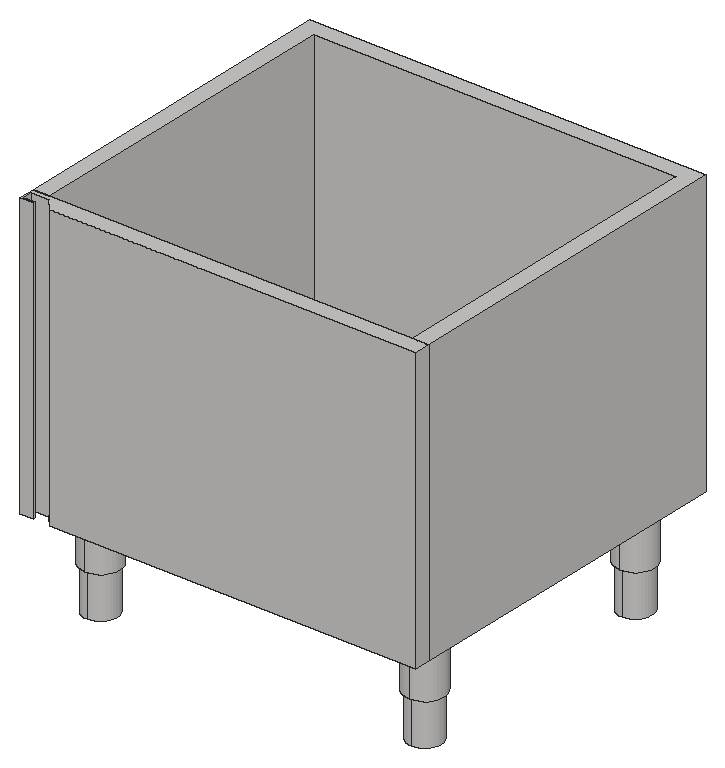
Revit family "QF_GIORIK_SUL0660", category Specialty Equipment, Revit 2014
Parameters (values of type "SUL0660")
  Weight in Pounds = 0
  URL Cutsheet = "www.giorik.com"
  URL = "www.giorik.com"
  Status [instance] = ""
  Specification by User [instance] = ""
  Specification by Manufacturer = ""
  Show Logo [instance] = yes
  Show Clearance [instance] = yes
  Serial Number = ""
  Seismic Rating = ""
  SMACNA No = ""
  Revision Code [instance] = ""
  NAFEM Spec ID Number = ""
  Model = "SUL0660"
  Masterspec = ""
  Manufacturer = "GIORIK"
  Item Number [instance] = ""
  Installed By [instance] = ""
  Identify Quantity as Lot [instance] = no
  Furnished By [instance] = ""
  Foodservice Equipment Identifier [instance] = yes
  Description = "NEUTRAL CUPBOARD WITH SHELF L=600"
  CSI MasterFormat = ""
  Assembly Code = "E1090320"
Reference planes
  plane 1 "Back": y = 0
  plane 2: z = 0
  plane 3 "Left": x = 0
  plane 4 "Right": x = 600
  plane 5 "Front": y = -600
  plane 6 "Top": z = 580
Forms (mm)
  Extrusion 1, solid
    sketch origin (-16, 1016.81, 0) x (1, 0, 0) y (0, 1, 0)
      loop
        line (25, -1086.81) -> (25, -1156.81) -> (115, -1156.81) -> (115, -1086.81) -> (25, -1086.81)
    from 148 to 150
  Extrusion 2, solid
    sketch origin (616, 1016.81, 0) x (-1, 0, 0) y (0, -1, 0)
      loop
        line (25, 1086.81) -> (115, 1086.81) -> (115, 1156.81) -> (25, 1156.81) -> (25, 1086.81)
    from 148 to 150
  Extrusion 3, solid
    sketch origin (0, -40, 599.536) x (1, 0, 0) y (0, 1, 0)
      loop
        line (0, -525) -> (25, -525) -> (25, -25) -> (575, -25) -> (575, -525) -> (600, -525) -> (600, 0) -> (0, 0) -> (0, -525)
    from -449.536 to -19.536
  Extrusion 4, solid
    sketch origin (0, -40, 0) x (1, 0, 0) y (0, 1, 0)
      loop
        line (25, -25) -> (25, -525) -> (575, -525) -> (575, -25) -> (25, -25)
    from 150 to 175
  Extrusion 5, solid
    sketch origin (-16, 616.81, 0) x (1, 0, 0) y (0, 1, 0)
      loop
        line (25, -1086.81) -> (25, -1156.81) -> (115, -1156.81) -> (115, -1086.81) -> (25, -1086.81)
    from 148 to 150
  Revolve 6, solid
    sketch origin (54, 616.81, 0) x (0, 1, 0) y (0, 0, 1)
      loop
        line (-1092.56, 66) -> (-1092.56, 148) -> (-1121.81, 148) -> (-1121.81, 0) -> (-1096.81, 0) -> (-1096.81, 66) -> (-1092.56, 66)
      axis (-1121.81, 0) -> (-1121.81, 148)
    angle from 0 to 360
  Revolve 7, solid
    sketch origin (546, 616.81, 0) x (0, 1, 0) y (0, 0, 1)
      loop
        line (-1092.56, 66) -> (-1092.56, 148) -> (-1121.81, 148) -> (-1121.81, 0) -> (-1096.81, 0) -> (-1096.81, 66) -> (-1092.56, 66)
      axis (-1121.81, 0) -> (-1121.81, 148)
    angle from 0 to 360
  Revolve 8, solid
    sketch origin (546, 1016.81, 0) x (0, 1, 0) y (0, 0, 1)
      loop
        line (-1092.56, 66) -> (-1092.56, 148) -> (-1121.81, 148) -> (-1121.81, 0) -> (-1096.81, 0) -> (-1096.81, 66) -> (-1092.56, 66)
      axis (-1121.81, 0) -> (-1121.81, 148)
    angle from 0 to 360
  Revolve 9, solid
    sketch origin (54, 1016.81, 0) x (0, 1, 0) y (0, 0, 1)
      loop
        line (-1092.56, 66) -> (-1092.56, 148) -> (-1121.81, 148) -> (-1121.81, 0) -> (-1096.81, 0) -> (-1096.81, 66) -> (-1092.56, 66)
      axis (-1121.81, 0) -> (-1121.81, 148)
    angle from 0 to 360
  Extrusion 10, solid, visible <- "Show Clearance", detail levels coarse
    sketch origin (395, -462.861, -10) x (-1, 0, 0) y (0, -1, 0)
      loop
        line (-205, 127.139) -> (395, 127.139)
        arc (395, 127.139) -> (219.264, 551.403) -> (-205, 727.139) r 600
        line (-205, 727.139) -> (-205, 127.139)
    from 160 to 590
  Extrusion 11, solid
    sketch origin (-5, -2, 1020) x (0, 1, 0) y (-1, 0, 0)
      loop
        line (-563, -5) -> (-588, -5) -> (-588, -25) -> (-585, -25) -> (-585, -8) -> (-571, -8) -> (-571, -35) -> (-588, -50) -> (-588, -605) -> (-563, -605) -> (-563, -5)
    from -870 to -440
  Extrusion 12, solid
    sketch origin (616, 616.81, 0) x (-1, 0, 0) y (0, -1, 0)
      loop
        line (25, 1086.81) -> (115, 1086.81) -> (115, 1156.81) -> (25, 1156.81) -> (25, 1086.81)
    from 148 to 150
Lines and regions (mm)
  symbolic lines, style "200-EquipHidden-2D", visible <- "Show Clearance", detail levels coarse
    curve 1: line (0, -40, 580) -> (600, -40, 580)
    curve 2: line (0, -590, 580) -> (0, -40, 580)
    curve 3: line (600, -590, 580) -> (0, -590, 580)
    curve 4: line (600, -40, 580) -> (600, -590, 580)
  symbolic lines, style "QF_Door-Drawer Clearances", visible <- "Show Clearance", detail levels coarse
    curve 5: line (600, -600, 580) -> (600, -1190.009, 580)
    curve 6: arc (0.083, -600, 580) -> (179.361, -1017.712, 580) -> (600, -1190.009, 580) r 600.276
Dimensions and locks
  plane 3 "Left" to plane 4 "Right" = 600 mm
  plane 5 "Front" to plane 1 "Back" = 600 mm
  plane 4 "Right" to plane 3 "Left" = 600 mm
  plane 1 "Back" to plane 5 "Front" = 600 mm
  plane 6 "Top" to level = 580 mm  (x2)
  aligned and locked: level to plane 2
